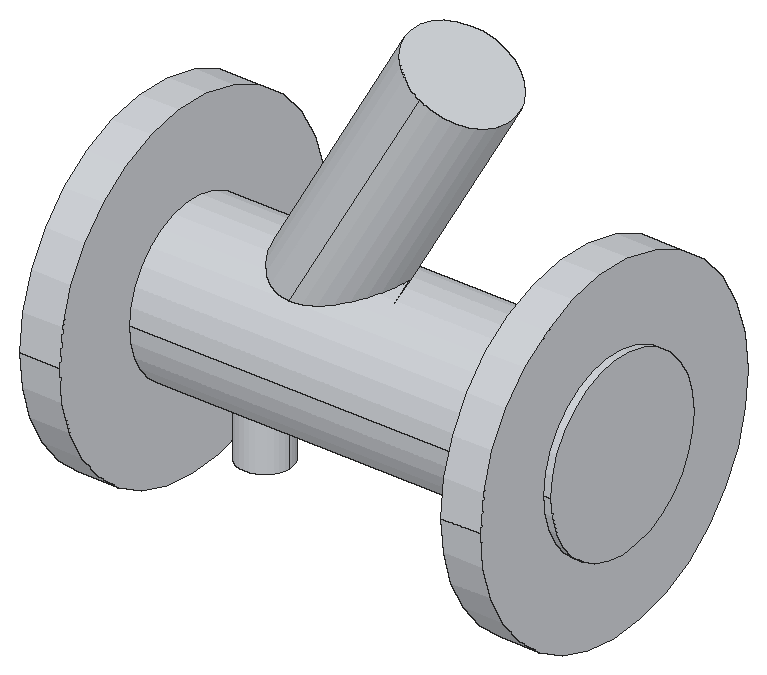
Revit family "HS 821-síto_jemné-PN16-DN020-RFA_2019", category Pipe Accessories, Revit 2019
Family settings
  Round Connector Dimension = Use Diameter
  Part Type = Breaks Into
  Work Plane-Based = No
  Always vertical = Yes
  Cut with Voids When Loaded = No
  Shared = No
Parameters (values of type "821A-DN020-PN16-síto_jemné")
  magiProductId = "41cd6c7a12924f4991217528336076"
  magiProductFamilyId = "79214ac3aaa945e397802f559f5c1e"
  magiPartTypeId = 307
  isMeasuringValve [instance] = no
  ang2D [instance] = 0.00°
  ZB__ve = -ZB  # -17.75 mm
  ZB1 = 22.68 mm
  ZB = 17.75 mm
  X2 = 51.673 mm
  X1 = 21 mm
  W2D = 15 mm
  VersionID = "2.0/2017.9.26.1/ZETKAMA_821_001"
  Use Minimum Symbol Size [instance] = yes
  URL = "www.hydronix.cz"
  Type Comments = "Filtr přírubový; síto jemné; A-PN16 (-10~300°C); D-PN25 (-10~350°C); F-PN40 (-10~400°C)"
  S = 56 mm
  QmdConnectorList = "301;D;302;D"
  Productdata [instance] = ""
  Manufacturer = "Hydronix"
  MC Product Code = "210 120 (821A; DN020; PN16; kvs9,6; oko síta 0,63mm)"
  LM1 = 12 mm
  LM = 120 mm
  L4 = 37.5 mm
  L2D_Min = 3048 mm
  L2D = 130 mm
  L2 = 75 mm
  HH2 = 89.5 mm
  FD = 105 mm
  Description = "Filtr přírubový; síto jemné; 821A-PN16; 821D-PN25; 821F-PN40"
  DM1 = 33.6 mm
  DM = 50.4 mm
  D = 20 mm
  CC = 2.55 mm
  CAT0 = yes
  C1 = 12.45 mm
  C = 15 mm
  BD = 15.876 mm
Types (40, lengths in mm): name | magiProductId | ZB__ve | ZB1 | ZB | X2 | X1 | S | MC Product Code | LM1 | LM | L4 | L2 | HH2 | FD | DM1 | DM | D | CC | C1 | C | BD
  821A-DN015-PN16-síto_jemné | "a71bcfe8b393460598b23e8ddf7dc5" | -16.25 | 18.63 | 16.25 | 46.982 | 18.2 | 46 | "210 115 (821A; DN015; PN16; kvs6,2; oko síta 0,63mm)" | 10.4 | 104 | 32.5 | 65 | 81.375 | 95 | 27.6 | 41.4 | 15 | 2.21 | 10.79 | 13 | 13.041
  821A-DN020-PN16-síto_jemné | "41cd6c7a12924f4991217528336076" | -17.75 | 22.68 | 17.75 | 51.673 | 21 | 56 | "210 120 (821A; DN020; PN16; kvs9,6; oko síta 0,63mm)" | 12 | 120 | 37.5 | 75 | 89.5 | 105 | 33.6 | 50.4 | 20 | 2.55 | 12.45 | 15 | 15.876
  821A-DN025-PN16-síto_jemné | "be378b463ed14c3abf4c9b3ae8cf3a" | -19.25 | 26.325 | 19.25 | 58.601 | 22.4 | 65 | "210 125 (821A; DN025; PN16; kvs14,2; oko síta 0,63mm)" | 12.8 | 128 | 40 | 80 | 101.5 | 115 | 43.2 | 58.5 | 25 | 2.72 | 13.28 | 16 | 18.427
  821A-DN032-PN16-síto_jemné | "227a0d18b21540afabe8b6067d35fa" | -23 | 30.78 | 23 | 68.849 | 25.2 | 76 | "210 132 (821A; DN032; PN16; kvs23,1; oko síta 0,63mm)" | 14.4 | 144 | 45 | 90 | 119.25 | 140 | 50.4 | 68.4 | 32 | 3.06 | 14.94 | 18 | 21.546
  821A-DN040-PN16-síto_jemné | "d106917c74724141a10440112d0102" | -24.5 | 34.02 | 24.5 | 75.777 | 28 | 84 | "210 140 (821A; DN040; PN16; kvs36,6; oko síta 0,63mm)" | 16 | 160 | 50 | 100 | 131.25 | 150 | 60 | 75.6 | 40 | 3.4 | 16.6 | 20 | 23.814
  821A-DN050-PN16-síto_jemné | "8255d456a09e4f6486734f5dd9171b" | -26.75 | 40.095 | 26.75 | 79.061 | 32.2 | 99 | "210 150 (821A; DN050 PN16; kvs53,7; oko síta 0,63mm)" | 18.4 | 184 | 57.5 | 115 | 136.938 | 165 | 73.8 | 89.1 | 50 | 3.91 | 19.09 | 23 | 28.066
  821A-DN065-PN16-síto_jemné | "235b1b3e4c0843779a4d5e3716d40a" | -29.75 | 47.79 | 29.75 | 86.927 | 40.6 | 118 | "210 165 (821A; DN065; PN16; kvs95,1; oko síta 0,63mm)" | 23.2 | 232 | 72.5 | 145 | 150.562 | 185 | 94.2 | 106.2 | 65 | 4.93 | 24.07 | 29 | 33.453
  821A-DN080-PN16-síto_jemné | "a067f7c5236348ed8c820d16df7214" | -32 | 53.46 | 32 | 104.753 | 43.4 | 132 | "210 180 (821A; DN080; PN16; kvs137,1; oko síta 0,63mm)" | 24.8 | 248 | 77.5 | 155 | 181.438 | 200 | 107.4 | 118.8 | 80 | 5.27 | 25.73 | 31 | 37.422
  821A-DN100-PN16-síto_jemné | "c49a648c2747461285837d643703cd" | -35 | 63.18 | 35 | 114.857 | 49 | 156 | "210 190 (821A; DN100; PN16; kvs206,4; oko síta 0,63mm)" | 28 | 280 | 87.5 | 175 | 198.937 | 220 | 131.4 | 140.4 | 100 | 5.95 | 29.05 | 35 | 44.226
  821A-DN125-PN16-síto_jemné | "bf68e728a163493cbd2a663b26ebdc" | -39.5 | 74.52 | 39.5 | 131.888 | 56 | 184 | "210 191 (821A; DN125; PN16; kvs268,8; oko síta 0,63mm)" | 32 | 320 | 100 | 200 | 228.438 | 250 | 165 | 165.6 | 125 | 6.8 | 33.2 | 40 | 52.164
  821A-DN150-PN16-síto_jemné | "2de770284b654863ae6bc865769dc5" | -44.75 | 85.455 | 44.75 | 155.885 | 67.2 | 211 | "210 192 (821A; DN150; PN16; kvs401,4; oko síta 0,63mm)" | 38.4 | 384 | 120 | 240 | 270 | 285 | 192 | 189.9 | 150 | 8.16 | 39.84 | 48 | 59.818
  821A-DN200-PN16-síto_jemné | "8e5693371ab64aabb29a7f08c76e15" | -53 | 107.73 | 53 | 188.361 | 84 | 266 | "210 193 (821A; DN200; PN16; kvs706,7; oko síta 0,63mm)" | 48 | 480 | 150 | 300 | 326.25 | 340 | 252 | 239.4 | 200 | 10.2 | 49.8 | 60 | 75.411
  821A-DN250-PN16-síto_jemné | "05e37ed948c34047acdd4c42556504" | -62.75 | 129.195 | 62.75 | 255.911 | 102.2 | 319 | "210 194 (821A; DN250; PN16; kvs1229,4; oko síta 0,63mm)" | 58.4 | 584 | 182.5 | 365 | 443.25 | 405 | 309.6 | 287.1 | 250 | 12.41 | 60.59 | 73 | 90.436
  821A-DN300-PN16-síto_jemné | "9ad0af747269428da925480d83ce80" | -71 | 149.85 | 71 | 325.914 | 119 | 370 | "210 195 (821A; DN300; PN16; kvs1902,4; oko síta 0,63mm)" | 68 | 680 | 212.5 | 425 | 564.5 | 460 | 369.6 | 333 | 300 | 14.45 | 70.55 | 85 | 104.895
  821A-DN350-PN16-síto_jemné | "eebc71459bb3451bb4355e7951370a" | -80 | 173.745 | 80 | 356.875 | 137.2 | 429 | "200 196 (821A; DN350; PN16; kvs2611,0; oko síta 0,63mm)" | 78.4 | 784 | 245 | 490 | 618.125 | 520 | 438 | 386.1 | 350 | 16.66 | 81.34 | 98 | 121.621
  821A-DN400-PN16-síto_jemné | "d2f677cb196647e385b2590e7d8abe" | -89 | 194.4 | 89 | 392.237 | 154 | 480 | "210 197 (821A; DN400; PN16; kvs3438,4; oko síta 0,63mm)" | 88 | 880 | 275 | 550 | 679.375 | 580 | 498 | 432 | 400 | 18.7 | 91.3 | 110 | 136.08
  821D-DN015-PN25-síto_jemné | "27ddcbf555414f8ca1fde329bf9087" | -16.25 | 18.63 | 16.25 | 46.982 | 18.2 | 46 | "210 215 (821D; DN015; PN25; kvs6,2; oko síta 0,63mm)" | 10.4 | 104 | 32.5 | 65 | 81.375 | 95 | 27.6 | 41.4 | 15 | 2.21 | 10.79 | 13 | 13.041
  821D-DN020-PN25-síto_jemné | "270e0f14012f47189cd0235c18faee" | -17.75 | 22.68 | 17.75 | 51.673 | 21 | 56 | "210 220 (821D; DN020; PN25; kvs9,6; oko síta 0,63mm)" | 12 | 120 | 37.5 | 75 | 89.5 | 105 | 33.6 | 50.4 | 20 | 2.55 | 12.45 | 15 | 15.876
  821D-DN025-PN25-síto_jemné | "b9a7fb4aa36643878c637d8e1ab992" | -19.25 | 26.325 | 19.25 | 58.601 | 22.4 | 65 | "210 225 (821D; DN025; PN25; kvs14,2; oko síta 0,63mm)" | 12.8 | 128 | 40 | 80 | 101.5 | 115 | 43.2 | 58.5 | 25 | 2.72 | 13.28 | 16 | 18.427
  821D-DN032-PN25-síto_jemné | "6be9a55c4e68400f94eec7e804204c" | -23 | 30.78 | 23 | 68.849 | 25.2 | 76 | "210 232 (821D; DN032; PN25; kvs23,1; oko síta 0,63mm)" | 14.4 | 144 | 45 | 90 | 119.25 | 140 | 50.4 | 68.4 | 32 | 3.06 | 14.94 | 18 | 21.546
  821D-DN040-PN25-síto_jemné | "c54511bd7f584ec2984291479612cb" | -24.5 | 34.02 | 24.5 | 75.777 | 28 | 84 | "210 240 (821D; DN040; PN25; kvs36,6; oko síta 0,63mm)" | 16 | 160 | 50 | 100 | 131.25 | 150 | 60 | 75.6 | 40 | 3.4 | 16.6 | 20 | 23.814
  821D-DN050-PN25-síto_jemné | "5483b1f596b04cd39b23a14a22c90e" | -26.75 | 40.095 | 26.75 | 79.061 | 32.2 | 99 | "210 250 (821D; DN050; PN25; kvs53,7; oko síta 0,63mm)" | 18.4 | 184 | 57.5 | 115 | 136.938 | 165 | 73.8 | 89.1 | 50 | 3.91 | 19.09 | 23 | 28.066
  821D-DN065-PN25-síto_jemné | "767b0f8318e94750bc7a9930ed5b30" | -29.75 | 47.79 | 29.75 | 86.927 | 40.6 | 118 | "210 265 (821D; DN065; PN25; kvs95,1; oko síta 0,63mm)" | 23.2 | 232 | 72.5 | 145 | 150.562 | 185 | 94.2 | 106.2 | 65 | 4.93 | 24.07 | 29 | 33.453
  821D-DN080-PN25-síto_jemné | "e21040fa3cc2404b858198f6b73709" | -32 | 53.46 | 32 | 104.753 | 43.4 | 132 | "210 280 (821D; DN080; PN25; kvs137,1; oko síta 0,63mm)" | 24.8 | 248 | 77.5 | 155 | 181.438 | 200 | 107.4 | 118.8 | 80 | 5.27 | 25.73 | 31 | 37.422
  821D-DN100-PN25-síto_jemné | "175ca87a506b40b3bc6b82f12f33cf" | -37.25 | 63.18 | 37.25 | 114.857 | 49 | 156 | "210 290 (821D; DN100; PN25; kvs206,4; oko síta 0,63mm)" | 28 | 280 | 87.5 | 175 | 198.937 | 235 | 131.4 | 140.4 | 100 | 5.95 | 29.05 | 35 | 44.226
  821D-DN125-PN25-síto_jemné | "77cc98d60da24855999a22dff726b2" | -42.5 | 74.52 | 42.5 | 131.888 | 56 | 184 | "210 291 (821D; DN125; PN25; kvs268,8; oko síta 0,63mm)" | 32 | 320 | 100 | 200 | 228.438 | 270 | 165 | 165.6 | 125 | 6.8 | 33.2 | 40 | 52.164
  821D-DN150-PN25-síto_jemné | "9cf8acfcd15547d68e83172d3abcbe" | -47 | 85.455 | 47 | 155.885 | 67.2 | 211 | "210 292 (821D; DN150; PN25; kvs401,4; oko síta 0,63mm)" | 38.4 | 384 | 120 | 240 | 270 | 300 | 192 | 189.9 | 150 | 8.16 | 39.84 | 48 | 59.818
  821D-DN200-PN25-síto_jemné | "16973f3c9ea14389ba8602495a6b64" | -56 | 110.97 | 56 | 188.361 | 84 | 274 | "210 293 (821D; DN200; PN25; kvs706,7; oko síta 0,63mm)" | 48 | 480 | 150 | 300 | 326.25 | 360 | 252 | 246.6 | 200 | 10.2 | 49.8 | 60 | 77.679
  821F-DN015-PN40-síto_jemné | "4c7eaf3c4c0340888b3e684d8a8616" | -16.25 | 18.225 | 16.25 | 46.982 | 18.2 | 45 | "250 615 (821F; DN015; PN40; kvs6,2; oko síta 0,63mm)" | 10.4 | 104 | 32.5 | 65 | 81.375 | 95 | 27.6 | 40.5 | 15 | 2.21 | 10.79 | 13 | 12.757
  821F-DN020-PN40-síto_jemné | "aaac5f1ec96b44d6ba96ac2293d66d" | -17.75 | 23.49 | 17.75 | 51.673 | 21 | 58 | "250 620 (821F; DN020; PN40; kvs9,6; oko síta 0,63mm)" | 12 | 120 | 37.5 | 75 | 89.5 | 105 | 33.6 | 52.2 | 20 | 2.55 | 12.45 | 15 | 16.443
  821F-DN025-PN40-síto_jemné | "504768023968471481789485b54c7e" | -19.25 | 27.54 | 19.25 | 58.601 | 22.4 | 68 | "250 625 (821F; DN025; PN40; kvs14,2; oko síta 0,63mm)" | 12.8 | 128 | 40 | 80 | 101.5 | 115 | 43.2 | 61.2 | 25 | 2.72 | 13.28 | 16 | 19.278
  821F-DN032-PN40-síto_jemné | "165e7f39cf744f329bdf1c400dad12" | -23 | 31.59 | 23 | 68.849 | 25.2 | 78 | "250 632 (821F; DN032; PN40; kvs23,1; oko síta 0,63mm)" | 14.4 | 144 | 45 | 90 | 119.25 | 140 | 50.4 | 70.2 | 32 | 3.06 | 14.94 | 18 | 22.113
  821F-DN040-PN40-síto_jemné | "b8903f952089408fbf3a5a632bab1f" | -24.5 | 35.64 | 24.5 | 75.777 | 28 | 88 | "250 640 (821F; DN040; PN40; kvs36,6; oko síta 0,63mm)" | 16 | 160 | 50 | 100 | 131.25 | 150 | 60 | 79.2 | 40 | 3.4 | 16.6 | 20 | 24.948
  821F-DN050-PN40-síto_jemné | "c451f97266fe48da8f879cb6a2bd44" | -26.75 | 41.31 | 26.75 | 79.061 | 32.2 | 102 | "250 650 (821F; DN050; PN40; kvs53,7; oko síta 0,63mm)" | 18.4 | 184 | 57.5 | 115 | 136.938 | 165 | 73.8 | 91.8 | 50 | 3.91 | 19.09 | 23 | 28.917
  821F-DN065-PN40-síto_jemné | "dc9821e3f9b34e128f6a8c6b34c198" | -29.75 | 49.41 | 29.75 | 86.927 | 40.6 | 122 | "250 665 (821F; DN065; PN40; kvs95,1; oko síta 0,63mm)" | 23.2 | 232 | 72.5 | 145 | 150.562 | 185 | 94.2 | 109.8 | 65 | 4.93 | 24.07 | 29 | 34.587
  821F-DN080-PN40-síto_jemné | "689aa1e260f84cf4994f027a1d86b5" | -32 | 55.89 | 32 | 104.753 | 43.4 | 138 | "250 680 (821F; DN080; PN40; kvs137,1; oko síta 0,63mm)" | 24.8 | 248 | 77.5 | 155 | 181.438 | 200 | 107.4 | 124.2 | 80 | 5.27 | 25.73 | 31 | 39.123
  821F-DN100-PN40-síto_jemné | "8a45d4e8e2ab425f8c432f21d684f3" | -37.25 | 65.61 | 37.25 | 114.857 | 49 | 162 | "250 690 (821F; DN100; PN40; kvs206,4; oko síta 0,63mm)" | 28 | 280 | 87.5 | 175 | 198.937 | 235 | 131.4 | 145.8 | 100 | 5.95 | 29.05 | 35 | 45.927
  821F-DN125-PN40-síto_jemné | "cf073904c006406b8645afa67ea2fc" | -42.5 | 76.14 | 42.5 | 131.888 | 56 | 188 | "250 691 (821F; DN125; PN40; kvs268,8; oko síta 0,63mm)" | 32 | 320 | 100 | 200 | 228.438 | 270 | 165 | 169.2 | 125 | 6.8 | 33.2 | 40 | 53.298
  821F-DN150-PN40-síto_jemné | "0153b9ddabe14992a630484929fdbc" | -47 | 88.29 | 47 | 155.885 | 67.2 | 218 | "250 692 (821F; DN150; PN40; kvs401,4; oko síta 0,63mm)" | 38.4 | 384 | 120 | 240 | 270 | 300 | 192 | 196.2 | 150 | 8.16 | 39.84 | 48 | 61.803
  821F-DN200-PN40-síto_jemné | "7fb3fc01dd8d42428c203e3f8dd4d5" | -56 | 115.425 | 56 | 188.361 | 84 | 285 | "250 693 (821F; DN200; PN40; kvs706,7; oko síta 0,63mm)" | 48 | 480 | 150 | 300 | 326.25 | 360 | 252 | 256.5 | 200 | 10.2 | 49.8 | 60 | 80.797
Reference planes
  plane 1 "Center (Front/Back)": y = 0
  plane 2 "XYPLANE": z = 0
  plane 3 "Center (Left/Right)": x = 0
  plane 4 "109": x = -48
  plane 5 "108": x = 60
  plane 6 "107": x = -60
  plane 7 "105": x = 75
  plane 8 "104": x = -75
  plane 9 "103": y = 0
  plane 10 "102": z = 0
  plane 11 "101": x = -72.45
  plane 12 "100": x = 72.45
  plane 13 "11": x = -27
  plane 14 "10": z = 89.5
  plane 15 "9": x = 24.673
  plane 16 "5": z = -22.68
  plane 17 "4": x = -37.5
  plane 18 "1": x = 37.5
Forms (mm)
  Extrusion 1, solid, visible <- "CAT0"
    sketch origin (-60, -750, 0) x (0, 1, 0) y (0, 0, 1)
      loop
        circle (750, 0) r 25.2
    from 0 to 120 <- "LM"
  Extrusion 2, solid
    sketch origin (-75, -750, 0) x (0, 1, 0) y (0, 0, 1)
      loop
        circle (750, 0) r 28
    from 0 to 2.55 <- "CC"
  Extrusion 3, solid
    sketch origin (-72.45, -750, 0) x (0, 1, 0) y (0, 0, 1)
      loop
        circle (750, 0) r 52.5
    from 0 to 12.45 <- "C1"
  Extrusion 4, solid
    sketch origin (60, -750, 0) x (0, 1, 0) y (0, 0, 1)
      loop
        circle (750, 0) r 52.5
    from 0 to 12.45 <- "C1"
  Extrusion 5, solid
    sketch origin (72.45, -750, 0) x (0, 1, 0) y (0, 0, 1)
      loop
        circle (750, 0) r 28
    from 0 to 2.55 <- "CC"
  Sweep 6, solid, visible <- "CAT0"
    path origin (750, 0, 0) x (-1, 0, 0) y (0, 0, 1)
      loop
        line (810, 0) -> (777, 0) -> (725.327, 89.5)
    profile origin (-60, 0, 0) x (0, 0, -1) y (0, 1, 0)
      loop
        circle (0, 0) r 16.8
  Extrusion 7, solid, visible <- "CAT0"
    sketch origin (-750, 0, -22.68) x (1, 0, 0) y (0, 1, 0)
      loop
        circle (712.5, 0) r 7.938
    from 0 to -17.75 <- "ZB__ve"
  Extrusion 8, solid, visible <- "CAT0"
    sketch origin (-750, 0, -22.68) x (1, 0, 0) y (0, 1, 0)
      loop
        circle (787.5, 0) r 7.938
    from 0 to -17.75 <- "ZB__ve"
  Extrusion 9, solid, not visible
    sketch origin (75, -750, 0) x (0, 1, 0) y (0, 0, 1)
      loop
        circle (750, 0) r 10
    from 0 to -10
  Extrusion 10, solid, not visible
    sketch origin (-75, -750, 0) x (0, 1, 0) y (0, 0, 1)
      loop
        circle (750, 0) r 10
    from 0 to 10
Lines and regions (mm)
  reference lines, not visible
    curve 1: circle (2, 2, 0) r 1 normal (0, 0, 1)
Dimensions and locks
  plane 1 "Center (Front/Back)" to curve 1 = 2 mm
  "LM1": plane 6 "107" to plane 4 "109"
  "LM": plane 6 "107" to plane 5 "108"
  "C": plane 8 "104" to plane 6 "107"
  "L2": plane 3 "Center (Left/Right)" to plane 7 "105"
  "L2": plane 3 "Center (Left/Right)" to plane 8 "104"
  locked: plane 1 "Center (Front/Back)" to plane 9 "103"
  locked: plane 2 "XYPLANE" to plane 10 "102"
  "CC": plane 8 "104" to plane 11 "101"
  "C1": plane 5 "108" to plane 12 "100"
  "X1": plane 4 "109" to plane 13 "11"
  "HH2": plane 2 "XYPLANE" to plane 14 "10"
  "X2": plane 13 "11" to plane 15 "9"
  "ZB1": plane 2 "XYPLANE" to plane 16 "5"
  "L4": plane 8 "104" to plane 17 "4"
  "L2": plane 17 "4" to plane 18 "1"
  Sweep 6 sketch curve to Sweep 6 sketch curve = 0 mm  (x2)
  "DM": diameter of Extrusion 1 sketch curve
  "S": diameter of Extrusion 2 sketch curve
  "FD": diameter of Extrusion 3 sketch curve
  "FD": diameter of Extrusion 4 sketch curve
  "S": diameter of Extrusion 5 sketch curve
  "DM1": diameter of Sweep 6 sketch curve
  "BD": diameter of Extrusion 7 sketch curve
  "BD": diameter of Extrusion 8 sketch curve
  aligned and locked: level to plane 2 "XYPLANE"
  aligned and locked: Extrusion 1 sketch curve to plane 9 "103"
  aligned and locked: plane 10 "102" to Extrusion 1 sketch curve
  aligned and locked: Extrusion 2 sketch curve to plane 9 "103"
  aligned and locked: plane 10 "102" to Extrusion 2 sketch curve
  aligned and locked: Extrusion 3 sketch curve to plane 9 "103"
  aligned and locked: plane 10 "102" to Extrusion 3 sketch curve
  aligned and locked: Extrusion 4 sketch curve to plane 9 "103"
  aligned and locked: plane 10 "102" to Extrusion 4 sketch curve
  aligned and locked: Extrusion 5 sketch curve to plane 9 "103"
  aligned and locked: plane 10 "102" to Extrusion 5 sketch curve
  aligned and locked: Sweep 6 sketch curve to plane 9 "103"
  aligned and locked: plane 10 "102" to Sweep 6 sketch curve  (x3)
  aligned and locked: plane 6 "107" to Sweep 6 sketch curve
  aligned and locked: plane 13 "11" to Sweep 6 sketch curve
  aligned and locked: plane 14 "10" to Sweep 6 sketch curve
  aligned and locked: plane 15 "9" to Sweep 6 sketch curve
  aligned and locked: plane 9 "103" to Extrusion 7 sketch curve
  aligned and locked: plane 17 "4" to Extrusion 7 sketch curve
  aligned and locked: plane 9 "103" to Extrusion 8 sketch curve
  aligned and locked: plane 18 "1" to Extrusion 8 sketch curve
  aligned and locked: Extrusion 9 sketch curve to plane 9 "103"
  aligned and locked: plane 10 "102" to Extrusion 9 sketch curve
  aligned and locked: Extrusion 10 sketch curve to plane 9 "103"
  aligned and locked: plane 10 "102" to Extrusion 10 sketch curve
Automatic sketch dimensions
  plane 1 "Center (Front/Back)" to Extrusion 9 sketch curve = 10 mm
  plane 1 "Center (Front/Back)" to Extrusion 10 sketch curve = 10 mm
  plane 3 "Center (Left/Right)" to curve 1 = 2 mm
  radius of curve 1 = 1 mm
Connectors
  piping at (-75, 0, 0), diameter 20, driven by "D"
    settings: on Extrusion 10, index 1, connector inside diameter 609.6 mm, connector length 0 mm, flow factor 0, pipe flow 0.0 L/s, pressure drop 0.0 Pa, fitting loss kfactor 0, connector angle 0.00°, fixture units 0, engagement length 0 mm, angle of deflection 0.00°, flow configuration 0, flow direction 0, fitting loss method 0, system type 29, joint type 0, gender type 0, connector reference index 2, connector utility 0, adjustable connector no, is connector primary yes, connector description ""
  piping at (75, 0, 0), diameter 20, driven by "D"
    settings: on Extrusion 9, index 2, connector inside diameter 609.6 mm, connector length 0 mm, flow factor 0, pipe flow 0.0 L/s, pressure drop 0.0 Pa, fitting loss kfactor 0, connector angle 0.00°, fixture units 0, engagement length 0 mm, angle of deflection 0.00°, flow configuration 0, flow direction 0, fitting loss method 0, system type 29, joint type 0, gender type 0, connector reference index 1, connector utility 0, adjustable connector no, is connector primary no, connector description ""
